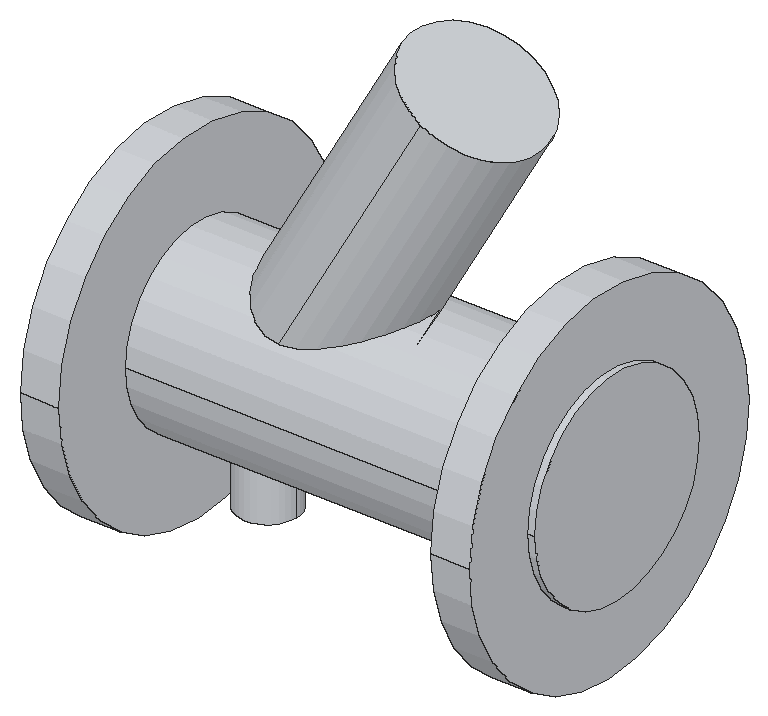
Revit family "HS 821-síto_standard-PN40-DN040-RFA_2018", category Pipe Accessories, Revit 2018
Family settings
  Round Connector Dimension = Use Diameter
  Part Type = Breaks Into
  Work Plane-Based = No
  Always vertical = Yes
  Cut with Voids When Loaded = No
  Shared = No
Parameters (values of type "821F-DN040-PN40-síto_standard")
  magiProductId = "b8903f952089408fbf3a5a632bab1f"
  magiProductFamilyId = "79214ac3aaa945e397802f559f5c1e"
  magiPartTypeId = 307
  isMeasuringValve [instance] = no
  ang2D [instance] = 0.00°
  ZB__ve = -ZB  # -24.5 mm
  ZB1 = 35.64 mm
  ZB = 24.5 mm
  X2 = 75.777 mm
  X1 = 28 mm
  W2D = 15 mm
  VersionID = "2.0/2017.9.26.1/ZETKAMA_821_001"
  Use Minimum Symbol Size [instance] = yes
  URL = "www.hydronic.cz"
  Type Comments = "Filtr přírubový; síto standardní; A-PN16 (-10~300°C); D-PN25 (-10~350°C); F-PN40 (-10~400°C)"
  S = 88 mm
  QmdConnectorList = "301;D;302;D"
  Productdata [instance] = ""
  Manufacturer = "Hydronic Systems Prague s.r.o."
  MC Product Code = "240 640 (821F; DN040; PN40; kvs37,7; oko síta 1,00mm)"
  LM1 = 16 mm
  LM = 160 mm
  L4 = 50 mm
  L2D_Min = 3048 mm
  L2D = 130 mm
  L2 = 100 mm
  HH2 = 131.25 mm
  FD = 150 mm
  Description = "Filtr přírubový; síto standardní; 821A-PN16; 821D-PN25; 821F-PN40"
  DM1 = 60 mm
  DM = 79.2 mm
  D = 40 mm
  CC = 3.4 mm
  CAT0 = yes
  C1 = 16.6 mm
  C = 20 mm
  BD = 24.948 mm
Types (40, lengths in mm): name | magiProductId | ZB__ve | ZB1 | ZB | X2 | X1 | S | MC Product Code | LM1 | LM | L4 | L2 | HH2 | FD | DM1 | DM | D | CC | C1 | C | BD
  821A-DN015-PN16-síto_standard | "a71bcfe8b393460598b23e8ddf7dc5" | -16.25 | 18.63 | 16.25 | 46.982 | 18.2 | 46 | "200 115 (821A; DN015; PN16; kvs6,3; oko síta 1,00mm)" | 10.4 | 104 | 32.5 | 65 | 81.375 | 95 | 27.6 | 41.4 | 15 | 2.21 | 10.79 | 13 | 13.041
  821A-DN020-PN16-síto_standard | "41cd6c7a12924f4991217528336076" | -17.75 | 22.68 | 17.75 | 51.673 | 21 | 56 | "200 120 (821A; DN020; PN16; kvs11,2; oko síta 1,00mm)" | 12 | 120 | 37.5 | 75 | 89.5 | 105 | 33.6 | 50.4 | 20 | 2.55 | 12.45 | 15 | 15.876
  821A-DN025-PN16-síto_standard | "be378b463ed14c3abf4c9b3ae8cf3a" | -19.25 | 26.325 | 19.25 | 58.601 | 22.4 | 65 | "200 125 (821A; DN025; PN16; kvs14,7; oko síta 1,00mm)" | 12.8 | 128 | 40 | 80 | 101.5 | 115 | 43.2 | 58.5 | 25 | 2.72 | 13.28 | 16 | 18.427
  821A-DN032-PN16-síto_standard | "227a0d18b21540afabe8b6067d35fa" | -23 | 30.78 | 23 | 68.849 | 25.2 | 76 | "200 132 (821A; DN032; PN16; kvs23,7; oko síta 1,00mm)" | 14.4 | 144 | 45 | 90 | 119.25 | 140 | 50.4 | 68.4 | 32 | 3.06 | 14.94 | 18 | 21.546
  821A-DN040-PN16-síto_standard | "d106917c74724141a10440112d0102" | -24.5 | 34.02 | 24.5 | 75.777 | 28 | 84 | "200 140 (821A; DN040; PN16; kvs37,7; oko síta 1,00mm)" | 16 | 160 | 50 | 100 | 131.25 | 150 | 60 | 75.6 | 40 | 3.4 | 16.6 | 20 | 23.814
  821A-DN050-PN16-síto_standard | "8255d456a09e4f6486734f5dd9171b" | -26.75 | 40.095 | 26.75 | 79.061 | 32.2 | 99 | "200 150 (821A; DN050 PN16; kvs57,9; oko síta 1,00mm)" | 18.4 | 184 | 57.5 | 115 | 136.938 | 165 | 73.8 | 89.1 | 50 | 3.91 | 19.09 | 23 | 28.066
  821A-DN065-PN16-síto_standard | "235b1b3e4c0843779a4d5e3716d40a" | -29.75 | 47.79 | 29.75 | 86.927 | 40.6 | 118 | "200 165 (821A; DN065; PN16; kvs101,5; oko síta 1,25mm)" | 23.2 | 232 | 72.5 | 145 | 150.562 | 185 | 94.2 | 106.2 | 65 | 4.93 | 24.07 | 29 | 33.453
  821A-DN080-PN16-síto_standard | "a067f7c5236348ed8c820d16df7214" | -32 | 53.46 | 32 | 104.753 | 43.4 | 132 | "200 180 (821A; DN080; PN16; kvs147,4; oko síta 1,25mm)" | 24.8 | 248 | 77.5 | 155 | 181.438 | 200 | 107.4 | 118.8 | 80 | 5.27 | 25.73 | 31 | 37.422
  821A-DN100-PN16-síto_standard | "c49a648c2747461285837d643703cd" | -35 | 63.18 | 35 | 114.857 | 49 | 156 | "200 190 (821A; DN100; PN16; kvs209,6; oko síta 1,60mm)" | 28 | 280 | 87.5 | 175 | 198.937 | 220 | 131.4 | 140.4 | 100 | 5.95 | 29.05 | 35 | 44.226
  821A-DN125-PN16-síto_standard | "bf68e728a163493cbd2a663b26ebdc" | -39.5 | 74.52 | 39.5 | 131.888 | 56 | 184 | "200 191 (821A; DN125; PN16; kvs326,2; oko síta 1,60mm)" | 32 | 320 | 100 | 200 | 228.438 | 250 | 165 | 165.6 | 125 | 6.8 | 33.2 | 40 | 52.164
  821A-DN150-PN16-síto_standard | "2de770284b654863ae6bc865769dc5" | -44.75 | 85.455 | 44.75 | 155.885 | 67.2 | 211 | "200 192 (821A; DN150; PN16; kvs403; oko síta 1,60mm)" | 38.4 | 384 | 120 | 240 | 270 | 285 | 192 | 189.9 | 150 | 8.16 | 39.84 | 48 | 59.818
  821A-DN200-PN16-síto_standard | "8e5693371ab64aabb29a7f08c76e15" | -53 | 107.73 | 53 | 188.361 | 84 | 266 | "200 193 (821A; DN200; PN16; kvs707; oko síta 1,60mm)" | 48 | 480 | 150 | 300 | 326.25 | 340 | 252 | 239.4 | 200 | 10.2 | 49.8 | 60 | 75.411
  821A-DN250-PN16-síto_standard | "05e37ed948c34047acdd4c42556504" | -62.75 | 129.195 | 62.75 | 255.911 | 102.2 | 319 | "200 194 (821A; DN250; PN16; kvs1234; oko síta 1,60mm)" | 58.4 | 584 | 182.5 | 365 | 443.25 | 405 | 309.6 | 287.1 | 250 | 12.41 | 60.59 | 73 | 90.436
  821A-DN300-PN16-síto_standard | "9ad0af747269428da925480d83ce80" | -71 | 149.85 | 71 | 325.914 | 119 | 370 | "200 195 (821A; DN300; PN16; kvs1916; oko síta 1,60mm)" | 68 | 680 | 212.5 | 425 | 564.5 | 460 | 369.6 | 333 | 300 | 14.45 | 70.55 | 85 | 104.895
  821A-DN350-PN16-síto_standard | "eebc71459bb3451bb4355e7951370a" | -80 | 173.745 | 80 | 356.875 | 137.2 | 429 | "200 196 (821A; DN350; PN16; kvs2621; oko síta 1,60mm)" | 78.4 | 784 | 245 | 490 | 618.125 | 520 | 438 | 386.1 | 350 | 16.66 | 81.34 | 98 | 121.621
  821A-DN400-PN16-síto_standard | "d2f677cb196647e385b2590e7d8abe" | -89 | 194.4 | 89 | 392.237 | 154 | 480 | "200 197 (821A; DN400; PN16; kvs3460; oko síta 1,60mm)" | 88 | 880 | 275 | 550 | 679.375 | 580 | 498 | 432 | 400 | 18.7 | 91.3 | 110 | 136.08
  821D-DN015-PN25-síto_standard | "27ddcbf555414f8ca1fde329bf9087" | -16.25 | 18.63 | 16.25 | 46.982 | 18.2 | 46 | "200 215 (821D; DN015; PN25; kvs6,3; oko síta 1,00mm)" | 10.4 | 104 | 32.5 | 65 | 81.375 | 95 | 27.6 | 41.4 | 15 | 2.21 | 10.79 | 13 | 13.041
  821D-DN020-PN25-síto_standard | "270e0f14012f47189cd0235c18faee" | -17.75 | 22.68 | 17.75 | 51.673 | 21 | 56 | "200 220 (821D; DN020; PN25; kvs11,2; oko síta 1,00mm)" | 12 | 120 | 37.5 | 75 | 89.5 | 105 | 33.6 | 50.4 | 20 | 2.55 | 12.45 | 15 | 15.876
  821D-DN025-PN25-síto_standard | "b9a7fb4aa36643878c637d8e1ab992" | -19.25 | 26.325 | 19.25 | 58.601 | 22.4 | 65 | "200 225 (821D; DN025; PN25; kvs14,7; oko síta 1,00mm)" | 12.8 | 128 | 40 | 80 | 101.5 | 115 | 43.2 | 58.5 | 25 | 2.72 | 13.28 | 16 | 18.427
  821D-DN032-PN25-síto_standard | "6be9a55c4e68400f94eec7e804204c" | -23 | 30.78 | 23 | 68.849 | 25.2 | 76 | "200 232 (821D; DN032; PN25; kvs23,7; oko síta 1,00mm)" | 14.4 | 144 | 45 | 90 | 119.25 | 140 | 50.4 | 68.4 | 32 | 3.06 | 14.94 | 18 | 21.546
  821D-DN040-PN25-síto_standard | "c54511bd7f584ec2984291479612cb" | -24.5 | 34.02 | 24.5 | 75.777 | 28 | 84 | "200 240 (821D; DN040; PN25; kvs37,7; oko síta 1,00mm)" | 16 | 160 | 50 | 100 | 131.25 | 150 | 60 | 75.6 | 40 | 3.4 | 16.6 | 20 | 23.814
  821D-DN050-PN25-síto_standard | "5483b1f596b04cd39b23a14a22c90e" | -26.75 | 40.095 | 26.75 | 79.061 | 32.2 | 99 | "200 250 (821D; DN050; PN25; kvs57,9; oko síta 1,00mm)" | 18.4 | 184 | 57.5 | 115 | 136.938 | 165 | 73.8 | 89.1 | 50 | 3.91 | 19.09 | 23 | 28.066
  821D-DN065-PN25-síto_standard | "767b0f8318e94750bc7a9930ed5b30" | -29.75 | 47.79 | 29.75 | 86.927 | 40.6 | 118 | "200 265 (821D; DN065; PN25; kvs101,5; oko síta 1,25mm)" | 23.2 | 232 | 72.5 | 145 | 150.562 | 185 | 94.2 | 106.2 | 65 | 4.93 | 24.07 | 29 | 33.453
  821D-DN080-PN25-síto_standard | "e21040fa3cc2404b858198f6b73709" | -32 | 53.46 | 32 | 104.753 | 43.4 | 132 | "200 280 (821D; DN080; PN25; kvs147,4; oko síta 1,25mm)" | 24.8 | 248 | 77.5 | 155 | 181.438 | 200 | 107.4 | 118.8 | 80 | 5.27 | 25.73 | 31 | 37.422
  821D-DN100-PN25-síto_standard | "175ca87a506b40b3bc6b82f12f33cf" | -37.25 | 63.18 | 37.25 | 114.857 | 49 | 156 | "200 290 (821D; DN100; PN25; kvs209,6; oko síta 1,60mm)" | 28 | 280 | 87.5 | 175 | 198.937 | 235 | 131.4 | 140.4 | 100 | 5.95 | 29.05 | 35 | 44.226
  821D-DN125-PN25-síto_standard | "77cc98d60da24855999a22dff726b2" | -42.5 | 74.52 | 42.5 | 131.888 | 56 | 184 | "200 291 (821D; DN125; PN25; kvs326,2; oko síta 1,60mm)" | 32 | 320 | 100 | 200 | 228.438 | 270 | 165 | 165.6 | 125 | 6.8 | 33.2 | 40 | 52.164
  821D-DN150-PN25-síto_standard | "9cf8acfcd15547d68e83172d3abcbe" | -47 | 85.455 | 47 | 155.885 | 67.2 | 211 | "200 292 (821D; DN150; PN25; kvs403; oko síta 1,60mm)" | 38.4 | 384 | 120 | 240 | 270 | 300 | 192 | 189.9 | 150 | 8.16 | 39.84 | 48 | 59.818
  821D-DN200-PN25-síto_standard | "16973f3c9ea14389ba8602495a6b64" | -56 | 110.97 | 56 | 188.361 | 84 | 274 | "200 293 (821D; DN200; PN25; kvs707; oko síta 1,60mm)" | 48 | 480 | 150 | 300 | 326.25 | 360 | 252 | 246.6 | 200 | 10.2 | 49.8 | 60 | 77.679
  821F-DN015-PN40-síto_standard | "4c7eaf3c4c0340888b3e684d8a8616" | -16.25 | 18.225 | 16.25 | 46.982 | 18.2 | 45 | "240 615 (821F; DN015; PN40; kvs6,3; oko síta 1,00mm)" | 10.4 | 104 | 32.5 | 65 | 81.375 | 95 | 27.6 | 40.5 | 15 | 2.21 | 10.79 | 13 | 12.757
  821F-DN020-PN40-síto_standard | "aaac5f1ec96b44d6ba96ac2293d66d" | -17.75 | 23.49 | 17.75 | 51.673 | 21 | 58 | "240 620 (821F; DN020; PN40; kvs11,2; oko síta 1,00mm)" | 12 | 120 | 37.5 | 75 | 89.5 | 105 | 33.6 | 52.2 | 20 | 2.55 | 12.45 | 15 | 16.443
  821F-DN025-PN40-síto_standard | "504768023968471481789485b54c7e" | -19.25 | 27.54 | 19.25 | 58.601 | 22.4 | 68 | "240 625 (821F; DN025; PN40; kvs14,7; oko síta 1,00mm)" | 12.8 | 128 | 40 | 80 | 101.5 | 115 | 43.2 | 61.2 | 25 | 2.72 | 13.28 | 16 | 19.278
  821F-DN032-PN40-síto_standard | "165e7f39cf744f329bdf1c400dad12" | -23 | 31.59 | 23 | 68.849 | 25.2 | 78 | "240 632 (821F; DN032; PN40; kvs23,7; oko síta 1,00mm)" | 14.4 | 144 | 45 | 90 | 119.25 | 140 | 50.4 | 70.2 | 32 | 3.06 | 14.94 | 18 | 22.113
  821F-DN040-PN40-síto_standard | "b8903f952089408fbf3a5a632bab1f" | -24.5 | 35.64 | 24.5 | 75.777 | 28 | 88 | "240 640 (821F; DN040; PN40; kvs37,7; oko síta 1,00mm)" | 16 | 160 | 50 | 100 | 131.25 | 150 | 60 | 79.2 | 40 | 3.4 | 16.6 | 20 | 24.948
  821F-DN050-PN40-síto_standard | "c451f97266fe48da8f879cb6a2bd44" | -26.75 | 41.31 | 26.75 | 79.061 | 32.2 | 102 | "240 650 (821F; DN050; PN40; kvs57,9; oko síta 1,00mm)" | 18.4 | 184 | 57.5 | 115 | 136.938 | 165 | 73.8 | 91.8 | 50 | 3.91 | 19.09 | 23 | 28.917
  821F-DN065-PN40-síto_standard | "dc9821e3f9b34e128f6a8c6b34c198" | -29.75 | 49.41 | 29.75 | 86.927 | 40.6 | 122 | "240 665 (821F; DN065; PN40; kvs101,5; oko síta 1,25mm)" | 23.2 | 232 | 72.5 | 145 | 150.562 | 185 | 94.2 | 109.8 | 65 | 4.93 | 24.07 | 29 | 34.587
  821F-DN080-PN40-síto_standard | "689aa1e260f84cf4994f027a1d86b5" | -32 | 55.89 | 32 | 104.753 | 43.4 | 138 | "240 680 (821F; DN080; PN40; kvs147,4; oko síta 1,25mm)" | 24.8 | 248 | 77.5 | 155 | 181.438 | 200 | 107.4 | 124.2 | 80 | 5.27 | 25.73 | 31 | 39.123
  821F-DN100-PN40-síto_standard | "8a45d4e8e2ab425f8c432f21d684f3" | -37.25 | 65.61 | 37.25 | 114.857 | 49 | 162 | "240 690 (821F; DN100; PN40; kvs209,6; oko síta 1,6mm)" | 28 | 280 | 87.5 | 175 | 198.937 | 235 | 131.4 | 145.8 | 100 | 5.95 | 29.05 | 35 | 45.927
  821F-DN125-PN40-síto_standard | "cf073904c006406b8645afa67ea2fc" | -42.5 | 76.14 | 42.5 | 131.888 | 56 | 188 | "240 691 (821F; DN125; PN40; kvs326,2; oko síta 1,6mm)" | 32 | 320 | 100 | 200 | 228.438 | 270 | 165 | 169.2 | 125 | 6.8 | 33.2 | 40 | 53.298
  821F-DN150-PN40-síto_standard | "0153b9ddabe14992a630484929fdbc" | -47 | 88.29 | 47 | 155.885 | 67.2 | 218 | "240 692 (821F; DN150; PN40; kvs403; oko síta 1,6mm)" | 38.4 | 384 | 120 | 240 | 270 | 300 | 192 | 196.2 | 150 | 8.16 | 39.84 | 48 | 61.803
  821F-DN200-PN40-síto_standard | "7fb3fc01dd8d42428c203e3f8dd4d5" | -56 | 115.425 | 56 | 188.361 | 84 | 285 | "240 693 (821F; DN200; PN40; kvs707; oko síta 1,6mm)" | 48 | 480 | 150 | 300 | 326.25 | 360 | 252 | 256.5 | 200 | 10.2 | 49.8 | 60 | 80.797
Reference planes
  plane 1 "Center (Front/Back)": y = 0
  plane 2 "XYPLANE": z = 0
  plane 3 "Center (Left/Right)": x = 0
  plane 4 "109": x = -64
  plane 5 "108": x = 80
  plane 6 "107": x = -80
  plane 7 "105": x = 100
  plane 8 "104": x = -100
  plane 9 "103": y = 0
  plane 10 "102": z = 0
  plane 11 "101": x = -96.6
  plane 12 "100": x = 96.6
  plane 13 "11": x = -36
  plane 14 "10": z = 131.25
  plane 15 "9": x = 39.777
  plane 16 "5": z = -35.64
  plane 17 "4": x = -50
  plane 18 "1": x = 50
Forms (mm)
  Extrusion 1, solid, visible <- "CAT0"
    sketch origin (-80, -750, 0) x (0, 1, 0) y (0, 0, 1)
      loop
        circle (750, 0) r 39.6
    from 0 to 160 <- "LM"
  Extrusion 2, solid
    sketch origin (-100, -750, 0) x (0, 1, 0) y (0, 0, 1)
      loop
        circle (750, 0) r 44
    from 0 to 3.4 <- "CC"
  Extrusion 3, solid
    sketch origin (-96.6, -750, 0) x (0, 1, 0) y (0, 0, 1)
      loop
        circle (750, 0) r 75
    from 0 to 16.6 <- "C1"
  Extrusion 4, solid
    sketch origin (80, -750, 0) x (0, 1, 0) y (0, 0, 1)
      loop
        circle (750, 0) r 75
    from 0 to 16.6 <- "C1"
  Extrusion 5, solid
    sketch origin (96.6, -750, 0) x (0, 1, 0) y (0, 0, 1)
      loop
        circle (750, 0) r 44
    from 0 to 3.4 <- "CC"
  Sweep 6, solid, visible <- "CAT0"
    path origin (750, 0, 0) x (-1, 0, 0) y (0, 0, 1)
      loop
        line (830, 0) -> (786, 0) -> (710.223, 131.25)
    profile origin (-80, 0, 0) x (0, 0, -1) y (0, 1, 0)
      loop
        circle (0, 0) r 30
  Extrusion 7, solid, visible <- "CAT0"
    sketch origin (-750, 0, -35.64) x (1, 0, 0) y (0, 1, 0)
      loop
        circle (700, 0) r 12.474
    from 0 to -24.5 <- "ZB__ve"
  Extrusion 8, solid, visible <- "CAT0"
    sketch origin (-750, 0, -35.64) x (1, 0, 0) y (0, 1, 0)
      loop
        circle (800, 0) r 12.474
    from 0 to -24.5 <- "ZB__ve"
  Extrusion 9, solid, not visible
    sketch origin (100, -750, 0) x (0, 1, 0) y (0, 0, 1)
      loop
        circle (750, 0) r 10
    from 0 to -10
  Extrusion 10, solid, not visible
    sketch origin (-100, -750, 0) x (0, 1, 0) y (0, 0, 1)
      loop
        circle (750, 0) r 10
    from 0 to 10
Lines and regions (mm)
  reference lines, not visible
    curve 1: circle (2, 2, 0) r 1 normal (0, 0, 1)
Dimensions and locks
  plane 1 "Center (Front/Back)" to curve 1 = 2 mm
  "LM1": plane 6 "107" to plane 4 "109"
  "LM": plane 6 "107" to plane 5 "108"
  "C": plane 8 "104" to plane 6 "107"
  "L2": plane 3 "Center (Left/Right)" to plane 7 "105"
  "L2": plane 3 "Center (Left/Right)" to plane 8 "104"
  locked: plane 1 "Center (Front/Back)" to plane 9 "103"
  locked: plane 2 "XYPLANE" to plane 10 "102"
  "CC": plane 8 "104" to plane 11 "101"
  "C1": plane 5 "108" to plane 12 "100"
  "X1": plane 4 "109" to plane 13 "11"
  "HH2": plane 2 "XYPLANE" to plane 14 "10"
  "X2": plane 13 "11" to plane 15 "9"
  "ZB1": plane 2 "XYPLANE" to plane 16 "5"
  "L4": plane 8 "104" to plane 17 "4"
  "L2": plane 17 "4" to plane 18 "1"
  Sweep 6 sketch curve to Sweep 6 sketch curve = 0 mm  (x2)
  "DM": diameter of Extrusion 1 sketch curve
  "S": diameter of Extrusion 2 sketch curve
  "FD": diameter of Extrusion 3 sketch curve
  "FD": diameter of Extrusion 4 sketch curve
  "S": diameter of Extrusion 5 sketch curve
  "DM1": diameter of Sweep 6 sketch curve
  "BD": diameter of Extrusion 7 sketch curve
  "BD": diameter of Extrusion 8 sketch curve
  aligned and locked: level to plane 2 "XYPLANE"
  aligned and locked: Extrusion 1 sketch curve to plane 9 "103"
  aligned and locked: plane 10 "102" to Extrusion 1 sketch curve
  aligned and locked: Extrusion 2 sketch curve to plane 9 "103"
  aligned and locked: plane 10 "102" to Extrusion 2 sketch curve
  aligned and locked: Extrusion 3 sketch curve to plane 9 "103"
  aligned and locked: plane 10 "102" to Extrusion 3 sketch curve
  aligned and locked: Extrusion 4 sketch curve to plane 9 "103"
  aligned and locked: plane 10 "102" to Extrusion 4 sketch curve
  aligned and locked: Extrusion 5 sketch curve to plane 9 "103"
  aligned and locked: plane 10 "102" to Extrusion 5 sketch curve
  aligned and locked: Sweep 6 sketch curve to plane 9 "103"
  aligned and locked: plane 10 "102" to Sweep 6 sketch curve  (x3)
  aligned and locked: plane 6 "107" to Sweep 6 sketch curve
  aligned and locked: plane 13 "11" to Sweep 6 sketch curve
  aligned and locked: plane 14 "10" to Sweep 6 sketch curve
  aligned and locked: plane 15 "9" to Sweep 6 sketch curve
  aligned and locked: plane 9 "103" to Extrusion 7 sketch curve
  aligned and locked: plane 17 "4" to Extrusion 7 sketch curve
  aligned and locked: plane 9 "103" to Extrusion 8 sketch curve
  aligned and locked: plane 18 "1" to Extrusion 8 sketch curve
  aligned and locked: Extrusion 9 sketch curve to plane 9 "103"
  aligned and locked: plane 10 "102" to Extrusion 9 sketch curve
  aligned and locked: Extrusion 10 sketch curve to plane 9 "103"
  aligned and locked: plane 10 "102" to Extrusion 10 sketch curve
Automatic sketch dimensions
  plane 1 "Center (Front/Back)" to Extrusion 9 sketch curve = 10 mm
  plane 1 "Center (Front/Back)" to Extrusion 10 sketch curve = 10 mm
  plane 3 "Center (Left/Right)" to curve 1 = 2 mm
  radius of curve 1 = 1 mm
Connectors
  piping at (-100, 0, 0), diameter 40, driven by "D"
    settings: on Extrusion 10, index 1, connector inside diameter 609.6 mm, connector length 0 mm, flow factor 0, pipe flow 0.0 L/s, pressure drop 0.0 Pa, fitting loss kfactor 0, connector angle 0.00°, fixture units 0, engagement length 0 mm, angle of deflection 0.00°, flow configuration 0, flow direction 0, fitting loss method 0, system type 29, joint type 0, gender type 0, connector reference index 2, connector utility 0, adjustable connector no, is connector primary yes, connector description ""
  piping at (100, 0, 0), diameter 40, driven by "D"
    settings: on Extrusion 9, index 2, connector inside diameter 609.6 mm, connector length 0 mm, flow factor 0, pipe flow 0.0 L/s, pressure drop 0.0 Pa, fitting loss kfactor 0, connector angle 0.00°, fixture units 0, engagement length 0 mm, angle of deflection 0.00°, flow configuration 0, flow direction 0, fitting loss method 0, system type 29, joint type 0, gender type 0, connector reference index 1, connector utility 0, adjustable connector no, is connector primary no, connector description ""
